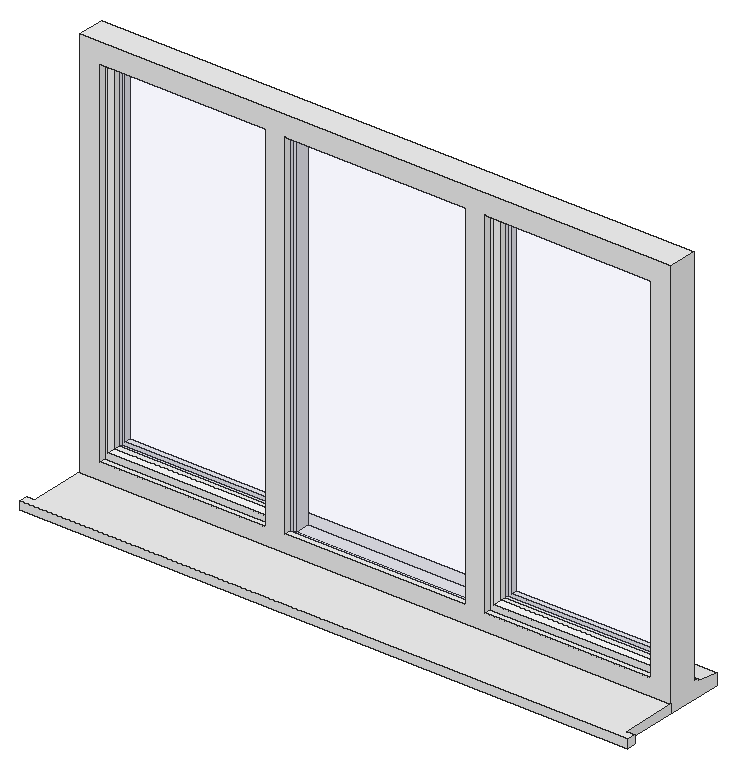
Revit family
Parameters (values of type "Tpl Plain")
  Wrap Layers (Ext) from Ext = 102.5 mm
  Wrap Layers (Int) from Ext = 177.5 mm
  Window Board Projection = 25.0 mm
  Window Board Extension = 25.0 mm
  Vis - Cavity Closers = yes
  Rough Width = Width  # 1770.0 mm
  Rough Height = Height  # 1200.0 mm
  Operation = "TriplePanelVertical"
  Material Trim = Window Frame
  Material Glass = Glass
  Material Frame = Window Frame
  Manufacturer = "Revit"
  Keynote = "L10"
  Height = 1200.0 mm
  Wall Closure = (empty or 0)
  Width = 1770.0 mm
  Glazing Thickness = 24.0 mm
  FrameOffset - External = 50.0 mm
  Frame Depth = 65.0 mm
  Default Head Height = 2110.0 mm
  Cill Depth = 87.5 mm
  Cavity Closer Width = 50.0 mm
  Cavity Closer Offset from Ext = 200.0 mm
  Cavity Closer Depth = 85.0 mm
  Assembly Code = ""
Reference planes
  plane 1: y = 0
  plane 2 "Mullion RHS": x = -275
  plane 3 "Left": x = -1455
  plane 4 "Right": x = 315
  plane 5 "Cill": z = 910
  plane 6 "Head": z = 2110
  plane 7 "Exterior": y = 158.457
  plane 8 "Interior": y = -141.543
  plane 9 "Back of Window": y = 43.457
  plane 10 "Wall Closure": y = 55.957
  plane 11 "Front Cill": y = 195.957
  plane 12 "Front Window Board": y = -166.543
  plane 13 "RHS Window Board": x = 340
  plane 14 "LHS Window Board": x = -1480
  plane 15 "Ext Leaf Back": y = -41.543
  plane 16 "Face Window": y = 108.457
  plane 17: x = -275
  plane 18 "LHS Mullion": x = -865
  plane 19 "Center (Left/Right)": x = -570
  plane 20: x = -865
  plane 21: y = -19.043
Forms (mm)
  Extrusion 1, solid, material "Window Frame" <- "Material Trim", detail levels medium+fine
    sketch origin (0, 0, 910) x (0, -1, 0) y (-1, 0, 0)
      loop
        line (141.543, 1480) -> (141.543, 1455) -> (-25.457, 1455) -> (-25.457, -315) -> (141.543, -315) -> (141.543, -340) -> (166.543, -340) -> (166.543, 1480) -> (141.543, 1480)
    from 0 to -25
  Extrusion 2, solid, material "Window Frame" <- "Material Frame"
    sketch origin (-275, 0, 0) x (0, 1, 0) y (0, 0, 1)
      loop
        line (25.457, 910) -> (195.957, 910) -> (195.957, 943.809) -> (123.457, 954.745) -> (123.457, 959.688) -> (108.457, 961) -> (108.457, 973) -> (43.457, 973) -> (43.457, 985) -> (25.457, 985) -> (25.457, 910)
    from 590 to -1180
  Sweep 3, solid, material "Window Frame" <- "Material Frame"
    path origin (0, 43.457, 0) x (1, 0, 0) y (0, 0, 1)
      loop
        line (-1455, 973) -> (-1455, 2110) -> (315, 2110) -> (315, 973)
    profile origin (0, 0, 1541.5) x (-1, 0, 0) y (0, -1, 0)
      loop
        line (1455, -25.457) -> (1395, -25.457) -> (1395, -43.457) -> (1415, -43.457) -> (1415, -108.457) -> (1455, -108.457) -> (1455, -25.457)
  Sweep 4, solid, material "Window Frame" <- "Material Frame"
    path origin (0, 108.457, 0) x (1, 0, 0) y (0, 0, 1)
      loop
        line (275, 2070) -> (-260, 2070) -> (-260, 973) -> (275, 973) -> (275, 2070)
    profile origin (0, 0, 1521.5) x (0, -1, 0) y (1, 0, 0)
      loop
        line (-108.457, -270) -> (-108.457, -260) -> (-43.457, -260) -> (-43.457, -230.148) -> (-57.949, -220) -> (-72.457, -220) -> (-72.457, -230) -> (-96.457, -230) -> (-96.457, -220) -> (-114.23, -220) -> (-120.004, -237.446) -> (-120.004, -259.215) -> (-114.23, -270) -> (-108.457, -270)
  Extrusion 5, solid, material "Window Frame" <- "Material Frame"
    sketch origin (0, 0, 910) x (0, -1, 0) y (-1, 0, 0)
      loop
        line (-25.457, 300) -> (-43.457, 300) -> (-43.457, 290) -> (-67.457, 290) -> (-67.457, 300) -> (-108.457, 300) -> (-108.457, 260) -> (-43.457, 260) -> (-43.457, 242) -> (-25.457, 242) -> (-25.457, 300)
    from -63 to -1160
  Extrusion 6, solid, material "Window Frame" <- "Material Frame"
    sketch origin (-1140, 0, 1210) x (0, 1, 0) y (1, 0, 0)
      loop
        line (25.457, 300) -> (25.457, 242) -> (43.457, 242) -> (43.457, 260) -> (108.457, 260) -> (108.457, 300) -> (67.457, 300) -> (67.457, 290) -> (43.457, 290) -> (43.457, 300) -> (25.457, 300)
    from 237 to -860
  Sweep 7, solid, material "Window Frame" <- "Material Frame"
    path origin (0, 108.457, 0) x (1, 0, 0) y (0, 0, 1)
      loop
        line (-880, 973) -> (-880, 2070) -> (-1415, 2070) -> (-1415, 973) -> (-880, 973)
    profile origin (0, 0, 1521.5) x (-1, 0, 0) y (0, -1, 0)
      loop
        line (870, -108.457) -> (870, -114.23) -> (881.631, -120.004) -> (901.185, -120.004) -> (920, -114.23) -> (920, -96.457) -> (910, -96.457) -> (910, -72.457) -> (920, -72.457) -> (920, -57.949) -> (909.852, -43.457) -> (880, -43.457) -> (880, -108.457) -> (870, -108.457)
  Extrusion 8, solid, material "Glass" <- "Material Glass"
    sketch origin (-1385, 96.457, 1003) x (1, 0, 0) y (0, 0, 1)
      loop
        line (475, 1037) -> (0, 1037) -> (0, 0) -> (475, 0) -> (475, 1037)
    from 0 to 24 <- "Glazing Thickness"
  Extrusion 9, solid, material "Glass" <- "Material Glass"
    sketch origin (-1415, 43.457, 973) x (0, 0, 1) y (1, 0, 0)
      loop
        line (1097, 1125) -> (0, 1125) -> (0, 565) -> (1097, 565) -> (1097, 1125)
    from 0 to 24 <- "Glazing Thickness"
  Extrusion 10, solid, material "Glass" <- "Material Glass"
    sketch origin (245, 96.457, 2040) x (-1, 0, 0) y (0, 0, -1)
      loop
        line (475, 1037) -> (0, 1037) -> (0, 0) -> (475, 0) -> (475, 1037)
    from 0 to 24 <- "Glazing Thickness"
Cuts and joins
  joined: Extrusion 2, Sweep 3, Extrusion 5, Extrusion 6
Lines and regions (mm)
  Opening 1
    outline origin (-5000, -141.543, 0) x (1, 0, 0) y (0, 0, 1)
      loop
        line (5315, 2110) -> (3545, 2110) -> (3545, 910) -> (5315, 910) -> (5315, 2110)
  Masking region 1
    outline origin (0, 0, 910) x (0, -1, 0) y (1, 0, 0)
      loop
        line (-25.457, -1455) -> (-25.457, 315) -> (-195.957, 315) -> (-195.957, -1455) -> (-25.457, -1455)
  symbolic lines, style "Windows"
    curve 1: line (-1455, 25.457, 0) -> (315, 25.457, 0)
    curve 2: line (-1455, 108.457, 0) -> (-1455, 25.457, 0)
    curve 3: line (315, 108.457, 0) -> (-1455, 108.457, 0)
    curve 4: line (315, 25.457, 0) -> (315, 108.457, 0)
    curve 5: line (-1395, 25.457, 0) -> (-1395, 108.457, 0)
    curve 6: line (255, 25.457, 0) -> (255, 108.457, 0)
    curve 7: line (-1395, 66.957, 0) -> (-890, 66.957, 0)
    curve 24: line (-890, 25.457, 0) -> (-890, 108.457, 0)
    curve 25: line (-840, 25.457, 0) -> (-840, 108.457, 0)
    curve 26: line (-840, 66.957, 0) -> (-300, 66.957, 0)
    curve 27: line (-300, 25.457, 0) -> (-300, 108.457, 0)
    curve 28: line (-250, 25.457, 0) -> (-250, 108.457, 0)
    curve 29: line (-250, 66.957, 0) -> (255, 66.957, 0)
  symbolic lines, style "Cavity Closer", visible <- "Vis - Cavity Closers", detail levels medium+fine
    curve 8: line (-1455, -41.543, 0) -> (-1505, -41.543, 0)
    curve 9: line (-1455, -126.543, 0) -> (-1455, -41.543, 0)
    curve 10: line (-1505, -126.543, 0) -> (-1455, -126.543, 0)
    curve 11: line (-1505, -41.543, 0) -> (-1505, -126.543, 0)
    curve 12: line (-1455, -126.543, 0) -> (-1505, -41.543, 0)
    curve 13: line (-1505, -126.543, 0) -> (-1455, -41.543, 0)
    curve 14: line (315, -41.543, 0) -> (365, -41.543, 0)
    curve 15: line (315, -126.543, 0) -> (315, -41.543, 0)
    curve 16: line (365, -126.543, 0) -> (315, -126.543, 0)
    curve 17: line (365, -41.543, 0) -> (365, -126.543, 0)
    curve 18: line (315, -126.543, 0) -> (365, -41.543, 0)
    curve 19: line (365, -126.543, 0) -> (315, -41.543, 0)
  symbolic lines, style "Elevation Swing"
    curve 20: line (-220, 0, 2030) -> (235, 0, 1521.5)
    curve 21: line (-220, 0, 1013) -> (235, 0, 1521.5)
    curve 22: line (-920, 0, 2030) -> (-1375, 0, 1521.5)
    curve 23: line (-920, 0, 1013) -> (-1375, 0, 1521.5)
  symbolic lines, style "WindowsSillHeadProjection"
    curve 30: line (315, 195.957, 0) -> (-1455, 195.957, 0)
    curve 31: line (-1455, 195.957, 0) -> (-1455, 159.707, 0)
    curve 32: line (315, 158.457, 0) -> (315, 195.957, 0)
Text (mm)
  text "EXTERIOR" at (-1415.209, 454.062, 0), in view "Ref. Level"
  text "INTERIOR" at (-1415.209, -367.981, 0), in view "Ref. Level"
  text "Exterior" at (0, 923.751, 2943.296), in view "Right"
  text "Exterior" at (0, 1040.484, 2685.409), in view "Left"
Dimensions and locks
  equal spacing: plane 3 "Left", plane 19 "Center (Left/Right)", plane 4 "Right"
  "Width": plane 3 "Left" to plane 4 "Right"
  "Height": plane 5 "Cill" to plane 6 "Head"
  "Default Head Height": plane 6 "Head" to level
  locked: plane 7 "Exterior" to host wall at 0
  locked: plane 8 "Interior" to host wall
  "Window Board Projection": plane 12 "Front Window Board" to plane 8 "Interior"
  "Window Board Extension": plane 14 "LHS Window Board" to plane 3 "Left"
  "Window Board Extension": plane 4 "Right" to plane 13 "RHS Window Board"
  "Cavity Closer Offset from Ext": plane 15 "Ext Leaf Back" to plane 7 "Exterior"
  "Frame Depth": plane 9 "Back of Window" to plane 16 "Face Window"
  "FrameOffset - External": plane 16 "Face Window" to plane 7 "Exterior"
  locked: Extrusion 2 sketch curve to Extrusion 2 sketch curve at 18
  Extrusion 2 sketch curve to Extrusion 2 sketch curve = 12.0 mm
  plane 16 "Face Window" to Extrusion 2 sketch curve = 15.0 mm
  Sweep 4 sketch curve to Sweep 4 sketch curve = 10.0 mm
  equal spacing: Sweep 3, Sweep 4 sketch curve, Sweep 4 sketch curve
  Sweep 4 sketch curve to Sweep 4 sketch curve = 17.774 mm
  "Glazing Thickness": Sweep 4 sketch curve to Sweep 4 sketch curve
  equal spacing: curve 3, curve 7, curve 1
  "Cavity Closer Depth": curve 8 to curve 10
  "Cavity Closer Width": curve 11 to plane 3 "Left"
  "Cavity Closer Depth": curve 14 to curve 16
  "Cavity Closer Width": plane 4 "Right" to curve 17
  "Cill Depth": plane 16 "Face Window" to plane 11 "Front Cill"
  equal spacing: Extrusion 5 sketch curve, plane 17, Extrusion 5 sketch curve
  Extrusion 5 sketch curve to Extrusion 5 sketch curve = 10.0 mm
  Extrusion 5 sketch curve to Extrusion 5 sketch curve = 18.0 mm  (x2)
  "Glazing Thickness": Extrusion 5 sketch curve to Extrusion 5 sketch curve
  equal spacing: plane 3 "Left", plane 18 "LHS Mullion", plane 2 "Mullion RHS", plane 4 "Right"
  Extrusion 6 sketch curve to Extrusion 6 sketch curve = 10.0 mm
  Extrusion 6 sketch curve to Extrusion 6 sketch curve = 18.0 mm  (x2)
  "Glazing Thickness": Extrusion 6 sketch curve to Extrusion 6 sketch curve
  equal spacing: Extrusion 6 sketch curve, plane 20, Extrusion 6 sketch curve
  equal spacing: Sweep 7 sketch curve, Sweep 7 sketch curve, Sweep 7 sketch curve  (x2)
  "Glazing Thickness": Sweep 7 sketch curve to Sweep 7 sketch curve
  Sweep 7 sketch curve to Sweep 7 sketch curve = 17.774 mm
  equal spacing: Sweep 4, curve 21, Sweep 4
  "Wrap Layers (Ext) from Ext": plane 10 "Wall Closure" to plane 7 "Exterior"
  "Wrap Layers (Int) from Ext": plane 21 to plane 7 "Exterior"
  equal spacing: Sweep 7, curve 23, Sweep 7
  locked: plane 3 "Left" to Sweep 3 sketch curve at 40
  locked: Sweep 3 sketch curve to Sweep 3 sketch curve at 20
  aligned and locked: plane 3 "Left" to Extrusion 1 sketch curve
  aligned and locked: Extrusion 1 sketch curve to plane 8 "Interior"  (x2)
  aligned and locked: Extrusion 1 sketch curve to plane 13 "RHS Window Board"
  aligned and locked: Extrusion 1 to plane 12 "Front Window Board"
  aligned and locked: plane 14 "LHS Window Board" to Extrusion 1 sketch curve
  aligned and locked: plane 9 "Back of Window" to Extrusion 2 sketch curve
  aligned and locked: plane 16 "Face Window" to Extrusion 2 sketch curve
  aligned and locked: plane 11 "Front Cill" to Extrusion 2 sketch curve
  aligned and locked: Extrusion 2 sketch curve to plane 5 "Cill"
  aligned and locked: plane 3 "Left" to Extrusion 2
  aligned and locked: Extrusion 2 to plane 4 "Right"
  aligned and locked: plane 16 "Face Window" to Sweep 3 sketch curve
  aligned and locked: Extrusion 1 to Extrusion 2
  aligned and locked: Sweep 4 sketch curve to Sweep 4 sketch curve
  aligned and locked: Sweep 4 sketch curve to plane 9 "Back of Window"
  aligned and locked: Sweep 3 to curve 5
  aligned and locked: curve 6 to Sweep 3
  aligned and locked: plane 3 "Left" to nested 1
  aligned and locked: curve 9 to plane 3 "Left"
  aligned and locked: plane 4 "Right" to nested 2
  aligned and locked: curve 15 to plane 4 "Right"
  aligned and locked: Extrusion 5 sketch curve to Extrusion 5 sketch curve  (x2)
  aligned and locked: Extrusion 5 sketch curve to plane 16 "Face Window"
  aligned and locked: plane 9 "Back of Window" to Extrusion 5 sketch curve
  aligned and locked: Extrusion 5 to Extrusion 2
  aligned and locked: plane 17 to plane 2 "Mullion RHS"
  aligned and locked: Sweep 4 sketch curve to Extrusion 5
  aligned and locked: Extrusion 6 sketch curve to Extrusion 6 sketch curve  (x2)
  aligned and locked: plane 18 "LHS Mullion" to plane 20
  aligned and locked: Extrusion 6 to Extrusion 2
  aligned and locked: Sweep 7 sketch curve to Sweep 7 sketch curve
  aligned and locked: Extrusion 6 to Sweep 7 sketch curve
  aligned and locked: Extrusion 2 to Sweep 7 sketch curve  (x2)
  aligned and locked: Sweep 3 to Sweep 7 sketch curve  (x2)
  aligned and locked: Sweep 7 sketch curve to plane 9 "Back of Window"
  aligned and locked: Sweep 7 sketch curve to plane 16 "Face Window"
  aligned and locked: Extrusion 2 to Sweep 4 sketch curve
  aligned and locked: curve 7 to curve 26
  aligned and locked: curve 26 to curve 29
  aligned and locked: curve 1 to Extrusion 2
  aligned and locked: curve 3 to Sweep 3
  aligned and locked: curve 30 to cut or joined group of Extrusion 2, Sweep 3, Extrusion 5, Extrusion 6
  aligned and locked: curve 31 to cut or joined group of Extrusion 2, Sweep 3, Extrusion 5, Extrusion 6
  aligned and locked: cut or joined group of Extrusion 2, Sweep 3, Extrusion 5, Extrusion 6 to curve 32
  aligned and locked: nested 2 to plane 15 "Ext Leaf Back"
  aligned and locked: plane 15 "Ext Leaf Back" to curve 14
  aligned and locked: nested 1 to plane 15 "Ext Leaf Back"
  aligned and locked: plane 15 "Ext Leaf Back" to curve 8
  aligned and locked: plane 3 "Left" to Masking region 1 sketch curve
  aligned and locked: plane 4 "Right" to Masking region 1 sketch curve
  aligned and locked: plane 11 "Front Cill" to Masking region 1 sketch curve
  aligned and locked: Masking region 1 sketch curve to Extrusion 1
  aligned and locked: cut or joined group of Extrusion 2, Sweep 3, Extrusion 5, Extrusion 6 to cut or joined group of Extrusion 2, Sweep 3, Extrusion 5, Extrusion 6  (x2)
  aligned and locked: Sweep 3 sketch curve to plane 6 "Head"
  aligned and locked: Sweep 3 sketch curve to plane 4 "Right"
  aligned and locked: plane 3 "Left" to Sweep 3 sketch curve
  aligned and locked: Sweep 4 sketch curve to cut or joined group of Extrusion 2, Sweep 3, Extrusion 5, Extrusion 6  (x2)
Automatic sketch dimensions
  Extrusion 1 sketch curve to plane 4 "Right" = 0.0 mm
  plane 9 "Back of Window" to Extrusion 1 sketch curve = 18.0 mm
  Extrusion 1 sketch curve to plane 12 "Front Window Board" = 0.0 mm
  Extrusion 2 sketch curve to Extrusion 2 sketch curve = 33.809 mm
  Extrusion 2 sketch curve to Extrusion 2 sketch curve = 15.879 mm
  Extrusion 2 sketch curve to Extrusion 2 sketch curve = 4.943 mm
  Extrusion 2 sketch curve to plane 5 "Cill" = 63.0 mm
  Extrusion 2 sketch curve to Extrusion 2 sketch curve = 12.0 mm
  Sweep 3 sketch curve to plane 5 "Cill" = 63.0 mm  (x2)
  Sweep 3 sketch curve to profile plane = 0.0 mm
  plane 9 "Back of Window" to Sweep 3 sketch curve = 18.0 mm
  Sweep 3 sketch curve to plane 9 "Back of Window" = 0.0 mm
  Sweep 4 sketch curve to plane 16 "Face Window" = 0.0 mm
  Sweep 4 sketch curve to profile plane = 0.0 mm
  Sweep 4 sketch curve to plane 16 "Face Window" = 5.774 mm
  Sweep 4 sketch curve to profile plane = 40.0 mm
  Sweep 4 sketch curve to Sweep 4 sketch curve = 14.493 mm
  profile plane to Sweep 4 sketch curve = 10.0 mm
  Sweep 4 sketch curve to profile plane = 0.785 mm
  Sweep 4 sketch curve to Sweep 4 sketch curve = 17.446 mm
  Sweep 4 sketch curve to Sweep 4 sketch curve = 10.148 mm
  Extrusion 5 sketch curve to plane 2 "Mullion RHS" = 25.0 mm
  Extrusion 6 sketch curve to plane 9 "Back of Window" = 0.0 mm
  Extrusion 6 sketch curve to plane 16 "Face Window" = 0.0 mm
  Extrusion 6 sketch curve to plane 18 "LHS Mullion" = 25.0 mm
  Sweep 4 sketch curve to plane 16 "Face Window" = 11.547 mm
  Sweep 7 sketch curve to profile plane = 0.0 mm
  profile plane to Sweep 7 sketch curve = 10.0 mm
  Sweep 7 sketch curve to profile plane = 1.631 mm
  Sweep 7 sketch curve to Sweep 7 sketch curve = 19.555 mm
  Sweep 7 sketch curve to Sweep 7 sketch curve = 0.148 mm
  Sweep 7 sketch curve to Sweep 7 sketch curve = 10.0 mm
  Sweep 7 sketch curve to Sweep 7 sketch curve = 14.493 mm
  Sweep 7 sketch curve to plane 16 "Face Window" = 5.774 mm
  curve 1 to plane 3 "Left" = 0.0 mm
  curve 3 to plane 4 "Right" = 0.0 mm
  curve 32 to host wall = 0.0 mm
  plane 18 "LHS Mullion" to curve 24 = 25.0 mm
  curve 25 to plane 18 "LHS Mullion" = 25.0 mm
  curve 26 to plane 2 "Mullion RHS" = 25.0 mm
  plane 2 "Mullion RHS" to curve 28 = 25.0 mm
  host wall to curve 31 = 1.25 mm
  Sweep 7 sketch curve to Sweep 7 sketch curve = 29.852 mm
  Extrusion 8 sketch curve to plane 3 "Left" = 70.0 mm
  plane 18 "LHS Mullion" to Extrusion 8 sketch curve = 45.0 mm
  Extrusion 8 sketch curve to plane 5 "Cill" = 93.0 mm
  plane 6 "Head" to Extrusion 8 sketch curve = 70.0 mm
  Extrusion 9 sketch curve to plane 2 "Mullion RHS" = 15.0 mm
  Extrusion 9 sketch curve to plane 5 "Cill" = 63.0 mm
  plane 6 "Head" to Extrusion 9 sketch curve = 40.0 mm
  Extrusion 9 sketch curve to plane 18 "LHS Mullion" = 15.0 mm
  plane 4 "Right" to Extrusion 10 sketch curve = 70.0 mm
  plane 2 "Mullion RHS" to Extrusion 10 sketch curve = 45.0 mm
  plane 6 "Head" to Extrusion 10 sketch curve = 70.0 mm
  Extrusion 10 sketch curve to plane 5 "Cill" = 93.0 mm
  Opening 1 sketch curve to plane 3 "Left" = 0.0 mm
  Opening 1 sketch curve to plane 4 "Right" = 0.0 mm
  Opening 1 sketch curve to plane 5 "Cill" = 0.0 mm
  Opening 1 sketch curve to plane 6 "Head" = 0.0 mm
  plane 6 "Head" to curve 20 = 80.0 mm
  plane 6 "Head" to curve 22 = 80.0 mm
  curve 23 to plane 3 "Left" = 80.0 mm
  curve 23 to plane 5 "Cill" = 103.0 mm
  curve 21 to plane 5 "Cill" = 103.0 mm
  plane 18 "LHS Mullion" to curve 23 = 55.0 mm
  plane 18 "LHS Mullion" to curve 22 = 55.0 mm
  plane 2 "Mullion RHS" to curve 21 = 55.0 mm
  plane 2 "Mullion RHS" to curve 20 = 55.0 mm
  plane 4 "Right" to curve 21 = 80.0 mm
Nested families
  nested 1: "Cavity Closer" at (-1505, -41.543, 0), visible <- "Vis - Cavity Closers", type "Cavity Closer", detail levels medium+fine
  nested 2: "Cavity Closer" at (365, -41.543, 0) x (-1, 0, 0) z (0, 0, 1), visible <- "Vis - Cavity Closers", type "Cavity Closer", detail levels medium+fine
Definition of nested family "Cavity Closer"
  Parameters
    Closer Width = 50.0 mm
    Closer Depth = 75.0 mm
  Reference planes
    plane 1 "Center (Front/Back)": y = 0
    plane 2: z = 0
    plane 3 "Center (Left/Right)": x = 0
    plane 4: x = 50, in view "Ref. Level"
    plane 5: y = -75, in view "Ref. Level"
  Lines and regions (mm)
    Masking region 1, in view "Ref. Level"
      outline origin (0, 0, 0) x (1, 0, 0) y (0, 1, 0)
        loop
          line (0, 0) -> (0, -75) -> (50, -75) -> (50, 0) -> (0, 0)
  Dimensions and locks
    "Closer Width": plane 3 "Center (Left/Right)" to plane 4
    "Closer Depth": plane 5 to plane 1 "Center (Front/Back)"
  Automatic sketch dimensions
    Masking region 1 sketch curve to plane 3 "Center (Left/Right)" = 0.0 mm
    Masking region 1 sketch curve to plane 4 = 0.0 mm
    Masking region 1 sketch curve to plane 5 = 0.0 mm
    Masking region 1 sketch curve to plane 1 "Center (Front/Back)" = 0.0 mm
